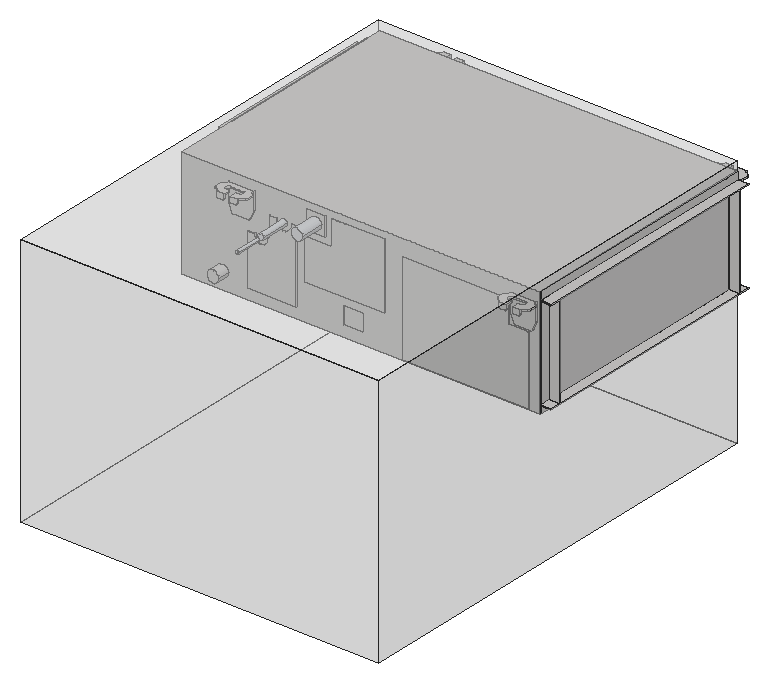
Revit family "outputfile", category 機械設備, Revit 2024
Family settings
  丸型コネクタ寸法 = 半径を使用
  パーツ タイプ = 標準
  OmniClass 番号 = 23.75.10.24.21.27.27
  OmniClass タイトル = Split System Air Conditioning Units
  作業面ベース = いいえ
  常に垂直 = はい
  ロード時にボイドで切り取り = いいえ
  注釈の向きを維持 = いいえ
  共有 = いいえ
  部屋計算ポイント = はい
Parameters (values of type "FXSQ25PAVS")
  Description = ""
  製造元 = "Daikin"
  書き出し IFC クラス(タイプ) = "IfcUnitaryEquipmentType"
  定義済み IFC タイプ(タイプ) = "AIRCONDITIONINGUNIT"
  Cost = 0
  モデル = "FXSQ25PAVS"
  Type Comments = ""
  Keynote = ""
  Type Image = (empty or 0)
  Assembly Code = ""
  r_Liquid Pipe Size = Liquid Pipe Size / 2  # 3.2 mm
  r_Gas Pipe Size = Gas Pipe Size / 2  # 6.35 mm
  r_Drain Pipe Size = Drain Pipe Size / 2  # 12.5 mm
  lw_power = 770.0 mm  # constant formula
  lh_SA = 138.0 mm  # constant formula
  lw_SA = if(Depth = 550.0 mm, 225.0 mm, if(Depth = 700.0 mm, 300.0 mm, if(Depth = 1000.0 mm, 450.0 mm, if(Depth = 1400.0 mm, 650.0 mm, 725.0 mm))))  # 225.0 mm
  lw_RA = if(Depth = 550.0 mm, 275.0 mm, if(Depth = 700.0 mm, 349.0 mm, if(Depth = 1000.0 mm, 499.0 mm, if(Depth = 1400.0 mm, 699.0 mm, 775.0 mm))))  # 275.0 mm
  lh_power = 60.0 mm + [h***]  # 60.0 mm
  lh_mountinghole1 = lh_mountinghole + [h***]  # 222.0 mm
  lh_RA = 123.0 mm  # constant formula
  ld_power = Depth / 2  # 275.0 mm
  Voltage_comment_50Hz = "220-240"
  Voltage_50Hz = 220 V
  URL = ""
  Supply Air Direction [instance] = yes
  Sound Power Level_H speed (dB) = 61
  Phase_50Hz = 1
  Minimum External Static Pressure = 30.00 Pa
  Minimum Circuit Amps_50Hz = 0.8 A
  Maximum Fuse Amps_50Hz = 16.0 A
  Maximum External Static Pressure = 150.00 Pa
  Material_Casing = DAIKIN_GalvanizedSteel_Casing_indoorunit
  lw_mountinghole = 630.0 mm  # constant formula
  lh_gaspipe = 183.0 mm + [h***]  # 183.0 mm
  lh_mountinghole = 222.0 mm  # constant formula
  lh_liquidpipe = 136.0 mm + [h***]  # 136.0 mm
  lh_drainpipe = 207.0 mm + [h***]  # 207.0 mm
  lh_antena = Height - lh_mountinghole + 1.0 mm  # 24.0 mm
  ld_drainpipe = Depth / 2 + 53.0 mm  # 328.0 mm
  ld_liquidpipe = Depth / 2 + 69.0 mm  # 344.0 mm
  ld_gaspipe = Depth / 2 + 65.0 mm  # 340.0 mm
  ld_mountinghole = Depth + 38.0 mm  # 588.0 mm
  h*** = 0.0 mm  # constant formula
  lw_liquidpipe = 179.0 mm  # constant formula
  lw_gaspipe = 229.0 mm  # constant formula
  lw_drainpipe = 300.0 mm  # constant formula
  Width = 800.0 mm
  Version = "ver.1.0"
  Unit Type = "Middle Static Pressure Duct Type"
  Unit Mass Weight = 25.00 kg
  Unit Designation [instance] = ""
  Uniclass2015Version = "Products v1.30"
  Uniclass2015Title = "Variable refrigerant flow units"
  Uniclass2015Code = "Pr_70_65_03_94"
  Total Heating Capacity [instance] = 0.000 kW
  Total Cooling Capacity [instance] = 0.000 kW
  Sound Pressure Level_M speed (dBA) = 0
  Sound Pressure Level_L speed (dBA) = 28
  Sound Pressure Level_H speed (dBA) = 33
  Series = "VRV Fan Coil Unit"
  Sensible Cooling Capacity [instance] = 0.000 kW
  SA Duct Size Width = if(Depth = 550.0 mm, 337.0 mm, if(Depth = 700.0 mm, 492.0 mm, if(Depth = 1000.0 mm, 792.0 mm, if(Depth = 1400.0 mm, 1192.0 mm, 1337.0 mm))))  # 337.0 mm
  SA Duct Size Height = 176.0 mm
  Refrigerant Type = "R410A"
  RA Duct Size Width = if(Depth = 550.0 mm, 502.0 mm, if(Depth = 700.0 mm, 654.0 mm, if(Depth = 1000.0 mm, 952.0 mm, if(Depth = 1400.0 mm, 1352.0 mm, 1502.0 mm))))  # 502.0 mm
  RA Duct Size Height = 208.0 mm
  Power Input (Heating) = 0.099 kW
  Power Input (Cooling) = 0.104 kW
  Option Accessory 3 [instance] = ""
  Option Accessory 2 [instance] = ""
  Option Accessory 1 [instance] = ""
  Nominal Heating Capacity = 3.200 kW
  Nominal Cooling Capacity = 2.800 kW
  Minimum Airflow = 390.00 m³/h
  Median Airflow = 450.00 m³/h
  Maximum Airflow = 540.00 m³/h
  Load Classification = HVAC
  Liquid Pipe Size = 6.4 mm
  Link_Nested Family [instance] = ""
  IfcVersion = "0"
  IfcExportType = "AIRCONDITIONINGUNIT"
  IfcExportAs = "IfcUnitaryEquipmentType"
  Height = 245.0 mm
  Heating Entering Wet Bulb Temperature [instance] = 0.00 °C
  Heating Entering Dry Bulb Temperature [instance] = 0.00 °C
  Heating Ambient Wet Bulb Temperature [instance] = 0.00 °C
  Heating Ambient Dry Bulb Temperature [instance] = 0.00 °C
  Heat Exchanger Type = "Cross Fin Coil"
  Gas Pipe Size = 12.7 mm
  Frequency_50Hz = 50 Hz
  Fan Type = "Sirocco Fan"
  Fan Drive = "Direct Drive"
  FCU Tag No. [instance] = ""
  Drain Pipe Size = 25.0 mm
  Design Supply Airflow [instance] = 0.00 m³/h
  Design Return Airflow [instance] = 0.00 m³/h
  Design External Static Pressure [instance] = 0.00 Pa
  Depth = 550.0 mm
  既定の高さ = 0.0 mm
  Cooling Entering Wet Bulb Temperature [instance] = 0.00 °C
  Cooling Entering Dry Bulb Temperature [instance] = 0.00 °C
  Cooling Ambient Wet Bulb Temperature [instance] = 0.00 °C
  Cooling Ambient Dry Bulb Temperature [instance] = 0.00 °C
  Clearance visibility [instance] = yes
  Clearance Top = 20.0 mm
  Clearance Right = 0.0 mm
  Clearance Rear = 0.0 mm
  Clearance Left = 0.0 mm
  Clearance Front = 450.0 mm
  Clearance Bottom = 300.0 mm
Reference planes
  plane 1 "Center (Front/Back)": y = 0
  plane 2 "h": z = 0
  plane 3 "Center (Left/Right)": x = 0
  plane 4 "Back": y = 275
  plane 5 "Front": y = -275
  plane 6 "Left": x = -400
  plane 7 "Reight": x = 400
  plane 8 "Top": z = 0
  plane 9 "Bottom": z = -245
  plane 10: y = -215
  plane 11: y = 275
  plane 12: y = -725
  plane 13: x = -400
  plane 14: x = 400
  plane 15: z = 20
  plane 16: z = -545
  plane 17: x = -400
  plane 18: x = -399
  plane 19: x = 399
  plane 20: y = 50
  plane 21: y = 0
  plane 22: z = -122
  plane 23: y = -276
  plane 24: z = -109
  plane 25: x = -221
  plane 26: y = -340
  plane 27: z = -62
  plane 28: x = -171
  plane 29: y = -328
  plane 30: z = -38
  plane 31: x = -100
  plane 32: x = -100
  plane 33: x = -221
  plane 34: x = -171
  plane 35: x = 370
  plane 36: x = -266
  plane 37: x = 364
  plane 38: y = -294
  plane 39: y = 294
  plane 40: z = -23
  plane 41: z = -107
  plane 42: y = -344
  plane 43: z = -207
  plane 44: x = -309
  plane 45: y = -301
  plane 46: x = -251
  plane 47: x = -203
  plane 48: x = -144
  plane 49: z = -59
  plane 50: z = -106
  plane 51: z = -221
  plane 52: z = -109
  plane 53: x = -221
  plane 54: z = -62
  plane 55: x = -171
  plane 56: z = -17
  plane 57: z = -59
  plane 58: x = -121
  plane 59: x = -79
  plane 60: x = -125
  plane 61: x = -64
  plane 62: x = 53
  plane 63: z = -164
  plane 64: z = -73
  plane 65: z = -16
  plane 66: x = 93.5
  plane 67: x = 374.5
  plane 68: x = 330
  plane 69: z = -88.5
  plane 70: z = -38
  plane 71: z = -242.5
  plane 72: x = -38.5
  plane 73: x = 6.5
  plane 74: z = -181
  plane 75: z = -221
  plane 76: y = -274
  plane 77: x = -424
  plane 78: x = 424
Forms (mm)
  Extrusion 1, solid, material "DAIKIN_GalvanizedSteel_Casing_indoorunit" <- "Material_Casing"
    sketch origin (0, 0, 0) x (1, 0, 0) y (0, 1, 0)
      loop
        line (-399, 275) -> (-399, -275) -> (399, -275) -> (399, 275) -> (-399, 275)
    from -245 to 0
  Extrusion 2, solid, material "DAIKIN_GalvanizedSteel_Casing_indoorunit" <- "Material_Casing"
    sketch origin (0, 0, 0) x (1, 0, 0) y (0, 0, 1)
      loop
        line (-251, -221) -> (-144, -221) -> (-144, -59) -> (-154.47, -59)
        arc (-154.47, -59) -> (-171, -78.8) -> (-187.53, -59) r 16.8
        line (-187.53, -59) -> (-203, -59) -> (-203, -106) -> (-206.916, -106)
        arc (-206.916, -106) -> (-221, -123.4) -> (-235.084, -106) r 14.4
        line (-235.084, -106) -> (-251, -106) -> (-251, -221)
    from 275 to 276
  Extrusion 3, solid, material "DAIKIN_GalvanizedSteel_Casing_indoorunit" <- "Material_Casing"
    sketch origin (0, 0, 0) x (1, 0, 0) y (0, 0, 1)
      loop
        line (-121, -17) -> (-121, -59) -> (-79, -59) -> (-79, -17) -> (-121, -17)
      loop
        line (-125, -73) -> (-125, -164) -> (53, -164) -> (53, -16) -> (-64, -16) -> (-64, -73) -> (-125, -73)
    from 275 to 276
  Extrusion 4, solid, material "DAIKIN_GalvanizedSteel_Casing_indoorunit" <- "Material_Casing"
    sketch origin (0, 0, 0) x (1, 0, 0) y (0, 0, 1)
      loop
        line (93.5, -38) -> (93.5, -242.5) -> (374.5, -242.5) -> (374.5, -88.5) -> (330, -88.5) -> (330, -38) -> (93.5, -38)
    from 275 to 276
  Extrusion 5, solid
    sketch origin (0, 0, 0) x (1, 0, 0) y (0, 0, 1)
      loop
        circle (-221, -109) r 3.2
    from 275 to 344
  Extrusion 6, solid
    sketch origin (0, 0, 0) x (1, 0, 0) y (0, 0, 1)
      loop
        circle (-171, -62) r 6.35
    from 275 to 340
  Extrusion 7, solid
    sketch origin (0, 0, 0) x (1, 0, 0) y (0, 0, 1)
      loop
        circle (-100, -38) r 12.5
    from 276 to 328
  Extrusion 8, solid, material "DAIKIN_GalvanizedSteel_Casing_indoorunit" <- "Material_Casing"
    sketch origin (0, 0, 0) x (1, 0, 0) y (0, 0, 1)
      loop
        circle (-309, -207) r 13
    from 275 to 301
  Extrusion 9, void
    sketch origin (0, 0, 0) x (1, 0, 0) y (0, 0, 1)
      loop
        line (-38.5, -181) -> (-38.5, -221) -> (6.5, -221) -> (6.5, -181) -> (-38.5, -181)
    from 274 to 275
Cuts and joins
  Extrusion 9 cuts Extrusion 1
Dimensions and locks
  "Height": plane 8 "Top" to plane 9 "Bottom"
  equal spacing: plane 4 "Back", plane 1 "Center (Front/Back)", plane 5 "Front"
  "Depth": plane 4 "Back" to plane 5 "Front"
  equal spacing: plane 6 "Left", plane 3 "Center (Left/Right)", plane 7 "Reight"
  "Width": plane 6 "Left" to plane 7 "Reight"
  "Clearance Left": plane 13 to plane 6 "Left"
  "Clearance Right": plane 7 "Reight" to plane 14
  "Clearance Rear": plane 11 to plane 4 "Back"
  "Clearance Front": plane 5 "Front" to plane 12
  "Clearance Top": plane 15 to plane 8 "Top"
  "Clearance Bottom": plane 9 "Bottom" to plane 16
  locked: plane 17 to plane 18 at 1
  locked: plane 19 to plane 14 at 1
  "lw_SA": plane 11 to plane 20
  "lw_RA": plane 21 to plane 5 "Front"
  "lh_RA": plane 22 to plane 9 "Bottom"
  locked: plane 5 "Front" to plane 23 at 1
  "lw_liquidpipe": plane 25 to plane 6 "Left"
  "lh_liquidpipe": plane 24 to plane 9 "Bottom"
  "lh_gaspipe": plane 27 to plane 9 "Bottom"
  "lw_gaspipe": plane 28 to plane 6 "Left"
  "ld_gaspipe": plane 26 to plane 1 "Center (Front/Back)"
  "ld_drainpipe": plane 29 to plane 1 "Center (Front/Back)"
  "lh_drainpipe": plane 30 to plane 9 "Bottom"
  "lw_drainpipe": plane 31 to plane 6 "Left"
  "lw_drainpipe": plane 6 "Left" to plane 32
  "lw_liquidpipe": plane 6 "Left" to plane 33
  "lw_gaspipe": plane 6 "Left" to plane 34
  "lw_power": plane 6 "Left" to plane 35
  locked: plane 17 to plane 36 at 134
  "lw_mountinghole": plane 36 to plane 37
  equal spacing: plane 38, plane 1 "Center (Front/Back)", plane 39
  "ld_mountinghole": plane 39 to plane 38
  "lh_mountinghole": plane 40 to plane 9 "Bottom"
  "lh_SA": plane 41 to plane 9 "Bottom"
  "ld_liquidpipe": plane 21 to plane 42
  locked: plane 44 to plane 6 "Left" at 91
  locked: plane 43 to plane 9 "Bottom" at 38
  locked: plane 5 "Front" to plane 45 at 26
  plane 48 to plane 47 to plane 46 to plane 6 "Left" = 59.0 mm, 48.0 mm, 149.0 mm
  plane 8 "Top" to plane 49 to plane 50 to plane 51 = 59.0 mm locked, 47.0 mm locked, 115.0 mm locked
  plane 55 to plane 53 to plane 6 "Left" = 50.0 mm locked, 179.0 mm locked
  plane 54 to plane 52 to plane 9 "Bottom" = 47.0 mm locked, 136.0 mm locked
  plane 59 to plane 58 to plane 6 "Left" = 42.0 mm locked, 279.0 mm locked
  plane 8 "Top" to plane 56 to plane 57 = 17.0 mm locked, 42.0 mm locked
  plane 62 to plane 61 to plane 60 to plane 6 "Left" = 117.0 mm, 61.0 mm, 275.0 mm
  plane 8 "Top" to plane 65 to plane 64 = 16.0 mm locked, 57.0 mm locked
  locked: plane 65 to plane 63 at 148
  plane 8 "Top" to plane 70 to plane 69 to plane 71 = 38.0 mm locked, 50.5 mm locked, 154.0 mm locked
  plane 67 to plane 68 to plane 66 to plane 6 "Left" = 44.5 mm locked, 236.5 mm locked, 493.5 mm locked
  plane 8 "Top" to plane 74 to plane 75 = 181.0 mm locked, 40.0 mm locked
  plane 73 to plane 72 to plane 6 "Left" = 45.0 mm, 361.5 mm
  locked: plane 76 to plane 5 "Front" at 1
  locked: plane 77 to plane 17 at 24
  locked: plane 14 to plane 78 at 24
  "r_Liquid Pipe Size": radius of Extrusion 5 sketch curve
  "r_Gas Pipe Size": radius of Extrusion 6 sketch curve
  "r_Drain Pipe Size": radius of Extrusion 7 sketch curve
  aligned and locked: level to plane 2 "h"
  aligned and locked: plane 8 "Top" to Extrusion 1
  aligned and locked: Extrusion 1 to plane 9 "Bottom"
  aligned and locked: nested 5 to plane 12
  aligned and locked: plane 13 to nested 5
  aligned and locked: plane 14 to nested 5
  aligned and locked: nested 5 to plane 13
  aligned and locked: plane 11 to nested 5
  aligned and locked: plane 15 to nested 5
  aligned and locked: plane 16 to nested 5
  aligned and locked: plane 5 "Front" to Extrusion 1 sketch curve
  aligned and locked: Extrusion 1 to plane 18
  aligned and locked: plane 19 to Extrusion 1
  aligned and locked: nested 7 to plane 18
  aligned and locked: nested 7 to plane 20
  aligned and locked: plane 19 to nested 8
  aligned and locked: plane 21 to nested 8
  aligned and locked: plane 22 to nested 8
  aligned and locked: Extrusion 2 to plane 23
  aligned and locked: plane 5 "Front" to Extrusion 2
  aligned and locked: Extrusion 3 to plane 23
  aligned and locked: plane 5 "Front" to Extrusion 3
  aligned and locked: plane 5 "Front" to Extrusion 4
  aligned and locked: Extrusion 5 sketch curve to plane 25
  aligned and locked: plane 24 to Extrusion 5 sketch curve
  aligned and locked: plane 5 "Front" to Extrusion 5
  aligned and locked: Extrusion 6 sketch curve to plane 28
  aligned and locked: plane 27 to Extrusion 6 sketch curve
  aligned and locked: plane 5 "Front" to Extrusion 6
  aligned and locked: Extrusion 7 sketch curve to plane 31
  aligned and locked: Extrusion 7 sketch curve to plane 30
  aligned and locked: Extrusion 7 to plane 29
  aligned and locked: plane 23 to Extrusion 7
  aligned and locked: nested 3 to plane 29
  aligned and locked: plane 32 to nested 3
  aligned and locked: nested 2 to plane 33
  aligned and locked: nested 1 to plane 34
  aligned and locked: Extrusion 6 to plane 26
  aligned and locked: nested 1 to plane 26
  aligned and locked: nested 6 to plane 5 "Front"
  aligned and locked: plane 35 to nested 6
  aligned and locked: plane 36 to nested 10
  aligned and locked: nested 10 to plane 5 "Front"
  aligned and locked: plane 37 to nested 9
  aligned and locked: nested 9 to plane 5 "Front"
  aligned and locked: nested 11 to plane 36
  aligned and locked: plane 4 "Back" to nested 11
  aligned and locked: nested 12 to plane 37
  aligned and locked: plane 4 "Back" to nested 12
  aligned and locked: plane 40 to nested 10
  aligned and locked: plane 40 to nested 11
  aligned and locked: plane 40 to nested 9
  aligned and locked: plane 40 to nested 12
  aligned and locked: plane 36 to nested 14
  aligned and locked: nested 14 to plane 39
  aligned and locked: plane 37 to nested 13
  aligned and locked: nested 13 to plane 39
  aligned and locked: plane 37 to nested 16
  aligned and locked: plane 38 to nested 16
  aligned and locked: plane 38 to nested 15
  aligned and locked: plane 36 to nested 15
  aligned and locked: plane 17 to plane 6 "Left"
  aligned and locked: plane 41 to nested 7
  aligned and locked: Extrusion 5 to plane 42
  aligned and locked: nested 2 to plane 42
  aligned and locked: Extrusion 8 sketch curve to plane 44
  aligned and locked: plane 43 to Extrusion 8 sketch curve
  aligned and locked: plane 5 "Front" to Extrusion 8
  aligned and locked: plane 45 to Extrusion 8
  aligned and locked: Extrusion 3 sketch curve to plane 56
  aligned and locked: Extrusion 3 sketch curve to plane 58
  aligned and locked: plane 57 to Extrusion 3 sketch curve
  aligned and locked: plane 59 to Extrusion 3 sketch curve
  aligned and locked: Extrusion 4 to plane 23
  aligned and locked: Extrusion 9 sketch curve to plane 74
  aligned and locked: plane 75 to Extrusion 9 sketch curve
  aligned and locked: plane 73 to Extrusion 9 sketch curve
  aligned and locked: plane 5 "Front" to Extrusion 9
  aligned and locked: plane 76 to Extrusion 9
  aligned and locked: nested 17 to plane 20
  aligned and locked: nested 17 to plane 77
  aligned and locked: plane 21 to nested 18
  aligned and locked: plane 78 to nested 18
  aligned and locked: plane 41 to nested 17
  aligned and locked: nested 18 to plane 22
  aligned and locked: nested 4 to plane 3 "Center (Left/Right)"
  aligned and locked: plane 1 "Center (Front/Back)" to nested 4
  aligned and locked: level to plane 8 "Top"
Automatic sketch dimensions
  plane 6 "Left" to Extrusion 1 sketch curve = 1.0 mm
  Extrusion 1 sketch curve to plane 7 "Reight" = 1.0 mm
  Extrusion 1 sketch curve to plane 4 "Back" = 0.0 mm
  Extrusion 2 sketch curve to plane 46 = 0.0 mm
  Extrusion 2 sketch curve to plane 33 = 0.0 mm
  Extrusion 2 sketch curve to plane 47 = 0.0 mm
  Extrusion 2 sketch curve to plane 34 = 0.0 mm
  Extrusion 2 sketch curve to plane 48 = 0.0 mm
  Extrusion 2 sketch curve to plane 51 = 0.0 mm
  Extrusion 2 sketch curve to plane 52 = 0.0 mm
  Extrusion 2 sketch curve to plane 50 = 0.0 mm  (x3)
  Extrusion 2 sketch curve to plane 54 = 0.0 mm
  Extrusion 2 sketch curve to plane 49 = 0.0 mm  (x3)
  plane 33 to Extrusion 2 sketch curve = 14.084 mm
  plane 34 to Extrusion 2 sketch curve = 16.53 mm
  Extrusion 3 sketch curve to plane 60 = 0.0 mm
  Extrusion 3 sketch curve to plane 61 = 0.0 mm
  Extrusion 3 sketch curve to plane 62 = 0.0 mm
  Extrusion 3 sketch curve to plane 63 = 0.0 mm
  Extrusion 3 sketch curve to plane 64 = 0.0 mm
  Extrusion 3 sketch curve to plane 65 = 0.0 mm
  Extrusion 4 sketch curve to plane 66 = 0.0 mm
  Extrusion 4 sketch curve to plane 68 = 0.0 mm
  Extrusion 4 sketch curve to plane 67 = 0.0 mm
  Extrusion 4 sketch curve to plane 71 = 0.0 mm
  Extrusion 4 sketch curve to plane 69 = 0.0 mm
  Extrusion 4 sketch curve to plane 70 = 0.0 mm
  Extrusion 9 sketch curve to plane 72 = 0.0 mm
  radius of Extrusion 8 sketch curve = 13.0 mm
Nested families
  nested 1: "daikin_connector_rotate2" at (-171, 0, -62), length <- "ld_gaspipe", built-in parameter 1001364 <- "lh_gaspipe", radius <- "r_Gas Pipe Size", type "daikin_connector_rotate2"
    with radius 6.35 mm, length 340.0 mm, angle_vertical 90.00°
  nested 2: "daikin_connector_rotate2" at (-221, 0, -109), length <- "ld_liquidpipe", built-in parameter 1001364 <- "lh_liquidpipe", radius <- "r_Liquid Pipe Size", type "daikin_connector_rotate2"
    with radius 3.2 mm, length 344.0 mm, angle_vertical 90.00°
  nested 3: "daikin_connector_rotate2" at (-100, 0, -38), length <- "ld_drainpipe", built-in parameter 1001364 <- "lh_drainpipe", radius <- "r_Drain Pipe Size", type "daikin_connector_rotate2"
    with radius 12.5 mm, length 328.0 mm, angle_vertical 90.00°
  nested 4: "daikin_△_symbolicline" at (0, 0, 245) x (0, -1, 0) z (0, 0, 1), built-in parameter 1001364 <- "Height", visible <- "Supply Air Direction", type "daikin_△_symbolicline"
    with length 200.0 mm
  nested 5: "daikin_clearancespace" at (0, -225, -262.381), visible <- "Clearance visibility", show <- "Clearance visibility", Link_Nested Family <- "Link_Nested Family", type "daikin_clearancespace"
    with width 800.0 mm, show yes, height 565.0 mm, depth 1000.0 mm, Link_Nested Family ""
  nested 6: "daikin_connector_rotate2" at (370, 0, -185), built-in parameter 1001364 <- "lh_power", length <- "ld_power", type "daikin_connector_rotate2"
    with radius 10.0 mm, length 275.0 mm, angle_vertical 90.00°
  nested 7: "daikin_ductflange_FXSQ-PAVS2" at (-399, 50, -107) x (0, -1, 0) z (0, 0, 1), type "daikin_ductflange_FXSQ-PAVS2"
  nested 8: "daikin_ductflange_FXSQ-PAVS" at (399, 0, -122) x (0, 1, 0) z (0, 0, 1), type "daikin_ductflange_FXSQ-PAVS"
  nested 9: "daikin_hangerfixture_FXSQ-PAVS" at (364, -275, -23), type "daikin_hangerfixture_FXSQ-PAVS"
  nested 10: "daikin_hangerfixture_FXSQ-PAVS" at (-266, -275, -23), type "daikin_hangerfixture_FXSQ-PAVS"
  nested 11: "daikin_hangerfixture_FXSQ-PAVS" at (-266, 275, -23) x (-1, 0, 0) z (0, 0, 1), type "daikin_hangerfixture_FXSQ-PAVS"
  nested 12: "daikin_hangerfixture_FXSQ-PAVS" at (364, 275, -23) x (-1, 0, 0) z (0, 0, 1), type "daikin_hangerfixture_FXSQ-PAVS"
  nested 13: "daikin_mountinghole" at (364, 294, -245), h_mountinghole <- "lh_mountinghole1", l_antenna <- "lh_antena", Link_Nested Family <- "Link_Nested Family", type "daikin_mountinghole"
    with show yes, l_antenna 24.0 mm, h_mountinghole 222.0 mm, Link_Nested Family ""
  nested 14: "daikin_mountinghole" at (-266, 294, -245), h_mountinghole <- "lh_mountinghole1", l_antenna <- "lh_antena", Link_Nested Family <- "Link_Nested Family", type "daikin_mountinghole"
    with show yes, l_antenna 24.0 mm, h_mountinghole 222.0 mm, Link_Nested Family ""
  nested 15: "daikin_mountinghole" at (-266, -294, -245), h_mountinghole <- "lh_mountinghole1", l_antenna <- "lh_antena", Link_Nested Family <- "Link_Nested Family", type "daikin_mountinghole"
    with show yes, l_antenna 24.0 mm, h_mountinghole 222.0 mm, Link_Nested Family ""
  nested 16: "daikin_mountinghole" at (364, -294, -245), h_mountinghole <- "lh_mountinghole1", l_antenna <- "lh_antena", Link_Nested Family <- "Link_Nested Family", type "daikin_mountinghole"
    with show yes, l_antenna 24.0 mm, h_mountinghole 222.0 mm, Link_Nested Family ""
  nested 17: "daikin_connector_rotate2" at (-400, 50, -107) x (0, -1, 0) z (0, 0, 1), type "daikin_connector_rotate2"
    with radius 10.0 mm, length 24.0 mm, angle_vertical 90.00°
  nested 18: "daikin_connector_rotate2" at (400, 0, -122) x (0, 1, 0) z (0, 0, 1), type "daikin_connector_rotate2"
    with radius 10.0 mm, length 24.0 mm, angle_vertical 90.00°
Connectors
  piping at (-100, -328, -38), diameter 25, driven by "r_Drain Pipe Size"
    settings: on nested 3, index 3, connector inside diameter 609.6 mm, connector length 0.0 mm, flow factor 0, pipe flow 0.00 m³/h, pressure drop 0.0 Pa, fitting loss kfactor 0, connector angle 0.00°, fixture units 0, engagement length 0.0 mm, angle of deflection 0.00°, flow configuration 1, flow direction 2, fitting loss method 4, system type 16, joint type 0, gender type 0, connector reference index -1, connector utility 0, adjustable connector no, is connector primary yes, connector description "Condensate Drain Piping"
  piping at (-171, -340, -62), diameter 12.7, driven by "r_Gas Pipe Size"
    settings: on nested 1, index 4, connector inside diameter 609.6 mm, connector length 0.0 mm, flow factor 0, pipe flow 0.00 m³/h, pressure drop 0.0 Pa, fitting loss kfactor 0, connector angle 0.00°, fixture units 0, engagement length 0.0 mm, angle of deflection 0.00°, flow configuration 1, flow direction 2, fitting loss method 0, system type 29, joint type 0, gender type 0, connector reference index -1, connector utility 0, adjustable connector no, is connector primary no, connector description "Refrigerant Gas Piping"
  piping at (-221, -344, -109), diameter 6.4, driven by "r_Liquid Pipe Size"
    settings: on nested 2, index 5, connector inside diameter 609.6 mm, connector length 0.0 mm, flow factor 0, pipe flow 0.00 m³/h, pressure drop 0.0 Pa, fitting loss kfactor 0, connector angle 0.00°, fixture units 0, engagement length 0.0 mm, angle of deflection 0.00°, flow configuration 1, flow direction 1, fitting loss method 0, system type 29, joint type 0, gender type 0, connector reference index -1, connector utility 0, adjustable connector no, is connector primary no, connector description "Refrigerant Liquid Piping"
  electrical at (370, -275, -185), driven by "Load Classification"
    settings: on nested 6, index 6, voltage 0 V, apparent load 0 VA, apparent load phase1 0 VA, apparent load phase2 0 VA, apparent load phase3 0 VA, power factor 1, load classification "HVAC", number of poles 1, system type 30, power factor state 1, is connector primary yes, connector utility no, sub classification motor no, connector description "Power Supply"
  hvac at (-424, 50, -107), driven by "SA Duct Size Height", driven by "SA Duct Size Width"
    settings: on nested 17, index 7, duct flow 0.00 m³/h, flow factor 0, pres drop 0.00 Pa, loss coef 0, conn angle 0.00°, conn width 337.0 mm, conn height 176.0 mm, conn diameter 609.6 mm, duct sys type 1, conn prof type 1, flow config 0, flow direction 2, loss method 4, conn ref index -1, conn util no, is conn primary yes, conn desc "SA Duct"
  hvac at (424, 0, -122), driven by "RA Duct Size Height", driven by "RA Duct Size Width"
    settings: on nested 18, index 8, duct flow 0.00 m³/h, flow factor 0, pres drop 0.00 Pa, loss coef 0, conn angle 0.00°, conn width 502.0 mm, conn height 208.0 mm, conn diameter 609.6 mm, duct sys type 2, conn prof type 1, flow config 0, flow direction 1, loss method 4, conn ref index -1, conn util no, is conn primary no, conn desc "RA Duct"
Definition of nested family "daikin_clearancespace"
  Parameters (values of type "daikin_clearancespace")
    width [instance] = 1823.963 mm
    show [instance] = yes
    material = none
    height [instance] = 1359.762 mm
    depth [instance] = 880.0 mm
    Default Elevation = 0.0 mm
    Link_Nested Family [instance] = ""
  Reference planes
    plane 1 "Center (Front/Back)": y = 0
    plane 2 "Center (Elevation)": z = -0.119
    plane 3 "Center (Left/Right)": x = 0
    plane 4: y = 440
    plane 5: y = -440
    plane 6 "Right": x = 911.982
    plane 7 "Left": x = -911.982
    plane 8 "Top": z = 679.762
    plane 9 "Bottom": z = -680
  Forms (mm)
    Extrusion 1, solid, material <- "material", visible <- "show"
      sketch origin (0, 0, 0) x (1, 0, 0) y (0, 1, 0)
        loop
          line (-911.982, 440) -> (-911.982, -440) -> (911.982, -440) -> (911.982, 440) -> (-911.982, 440)
      from -680 to 679.762
  Lines and regions (mm)
    symbolic lines, visible <- "show"
      curve 1: line (911.982, 440, 0) -> (-911.982, 440, 0)
      curve 2: line (-911.982, 440, 0) -> (-911.982, -440, 0)
      curve 3: line (-911.982, -440, 0) -> (911.982, -440, 0)
      curve 4: line (911.982, -440, 0) -> (911.982, 440, 0)
      curve 5: line (911.982, 0, 679.762) -> (-911.982, 0, 679.762)
      curve 6: line (911.982, 0, -680) -> (911.982, 0, 679.762)
      curve 7: line (-911.982, 0, -680) -> (911.982, 0, -680)
      curve 8: line (-911.982, 0, 679.762) -> (-911.982, 0, -680)
      curve 9: line (0, 440, 679.762) -> (0, -440, 679.762)
      curve 10: line (0, -440, 679.762) -> (0, -440, -680)
      curve 11: line (0, 440, -680) -> (0, 440, 679.762)
      curve 12: line (0, -440, -680) -> (0, 440, -680)
  Dimensions and locks
    "width": plane 7 "Left" to plane 6 "Right"
    "depth": plane 4 to plane 5
    "height": plane 8 "Top" to plane 9 "Bottom"
    equal spacing: plane 7 "Left", plane 3 "Center (Left/Right)", plane 6 "Right"
    equal spacing: plane 4, plane 1 "Center (Front/Back)", plane 5
    equal spacing: plane 8 "Top", plane 2 "Center (Elevation)", plane 9 "Bottom"
    aligned and locked: level to plane 2 "Center (Elevation)"
    aligned and locked: Extrusion 1 sketch curve to plane 4
    aligned and locked: plane 7 "Left" to Extrusion 1 sketch curve
    aligned and locked: Extrusion 1 sketch curve to plane 5
    aligned and locked: Extrusion 1 sketch curve to plane 6 "Right"
    aligned and locked: plane 8 "Top" to Extrusion 1
    aligned and locked: curve 1 to Extrusion 1
    aligned and locked: curve 2 to Extrusion 1
    aligned and locked: curve 3 to Extrusion 1
    aligned and locked: curve 4 to Extrusion 1
    aligned and locked: curve 5 to Extrusion 1
    aligned and locked: curve 6 to Extrusion 1
    aligned and locked: curve 7 to Extrusion 1
    aligned and locked: curve 8 to Extrusion 1
    aligned and locked: curve 9 to Extrusion 1
    aligned and locked: curve 10 to Extrusion 1
    aligned and locked: curve 11 to Extrusion 1
    aligned and locked: curve 12 to Extrusion 1
    aligned and locked: Extrusion 1 to plane 9 "Bottom"
Definition of nested family "daikin_ductflange_FXSQ-PAVS2"
  Parameters (values of type "daikin_ductflange_FXMQ-PAVE2")
    width = if(w = 550.0 mm, 337.0 mm, if(w = 700.0 mm, 492.0 mm, if(w = 1000.0 mm, 792.0 mm, if(w = 1400.0 mm, 1192.0 mm, 1337.0 mm))))  # 337.0 mm
    material = none
    height = 215.0 mm
    depth = 1.0 mm
    w = 550.0 mm
    Default Elevation = 0.0 mm
  Reference planes
    plane 1 "Center (Front/Back)": y = 0
    plane 2: z = 0
    plane 3 "Center (Left/Right)": x = 0
    plane 4: z = 88
    plane 5: z = -88
    plane 6: y = -25
    plane 7: z = 106
    plane 8: z = 89
    plane 9: y = -1
    plane 10: x = -192.5
    plane 11: x = 192.5
    plane 12: z = -106
    plane 13: z = -89
    plane 14: y = -1
    plane 15: x = 168.5
    plane 16: x = -168.5
    plane 17: x = 169.5
    plane 18: z = 87
    plane 19: z = -87
    plane 20: x = -169.5
    plane 21: z = 87
    plane 22: z = -87
    plane 23: y = -1
  Forms (mm)
    Extrusion 1, solid, material <- "material"
      sketch origin (0, 0, 0) x (0, 1, 0) y (0, 0, 1)
        loop
          line (-25, 88) -> (0, 88) -> (0, 106) -> (-1, 106) -> (-1, 89) -> (-25, 89) -> (-25, 88)
      from -192.5 to 192.5
    Extrusion 2, solid, material <- "material"
      sketch origin (0, 0, 0) x (0, 1, 0) y (0, 0, 1)
        loop
          line (-25, -88) -> (-25, -89) -> (-1, -89) -> (-1, -106) -> (0, -106) -> (0, -88) -> (-25, -88)
      from -192.5 to 192.5
    Extrusion 3, solid, material <- "material"
      sketch origin (0, 0, 0) x (1, 0, 0) y (0, 0, 1)
        loop
          line (168.5, 88) -> (168.5, -88) -> (192.5, -88) -> (192.5, -87) -> (169.5, -87) -> (169.5, 87) -> (192.5, 87) -> (192.5, 88) -> (168.5, 88)
      from 0 to 25
    Extrusion 4, solid, material <- "material"
      sketch origin (0, 0, 0) x (1, 0, 0) y (0, 0, 1)
        loop
          line (-192.5, 88) -> (-192.5, 87) -> (-169.5, 87) -> (-169.5, -87) -> (-192.5, -87) -> (-192.5, -88) -> (-168.5, -88) -> (-168.5, 88) -> (-192.5, 88)
      from 0 to 25
    Extrusion 5, solid, material <- "material"
      sketch origin (0, 0, 0) x (1, 0, 0) y (0, 0, 1)
        loop
          line (-192.5, 88) -> (-192.5, -88) -> (-168.5, -88) -> (-168.5, 88) -> (-192.5, 88)
        loop
          line (192.5, 88) -> (168.5, 88) -> (168.5, -88) -> (192.5, -88) -> (192.5, 88)
      from 0 to 1
  Cuts and joins
    joined: Extrusion 1, Extrusion 2, Extrusion 3, Extrusion 4, Extrusion 5
  Dimensions and locks
    plane 4 to level to plane 5 = 88.0 mm, 88.0 mm
    locked: plane 6 to plane 1 "Center (Front/Back)" at 25
    locked: plane 9 to plane 1 "Center (Front/Back)" at 1
    locked: plane 8 to plane 4 at 1
    locked: plane 16 to plane 10 at 24
    locked: plane 17 to plane 15 at 1
    locked: plane 4 to plane 18 at 1
    locked: plane 19 to plane 5 at 1
    "width": plane 15 to plane 16
    plane 4 to plane 5 = 176.0 mm
    locked: plane 16 to plane 20 at 1
    locked: plane 4 to plane 21 at 1
    locked: plane 22 to plane 5 at 1
    locked: plane 23 to plane 1 "Center (Front/Back)" at 1
    plane 4 to level to plane 5 = 88.0 mm locked, 88.0 mm locked
    locked: plane 5 to plane 13 at 1
    locked: plane 5 to plane 12 at 18
    locked: plane 7 to plane 4 at 18
    equal spacing: plane 15, plane 3 "Center (Left/Right)", plane 16
    locked: plane 11 to plane 15 at 24
    plane 11 to plane 10 = 385.0 mm
    aligned and locked: level to plane 2
    aligned and locked: Extrusion 1 to plane 10
    aligned and locked: plane 11 to Extrusion 1
    aligned and locked: plane 5 to Extrusion 2
    aligned and locked: Extrusion 2 to plane 1 "Center (Front/Back)"
    aligned and locked: plane 15 to Extrusion 3 sketch curve
    aligned and locked: Extrusion 3 sketch curve to Extrusion 2  (x2)
    aligned and locked: Extrusion 3 sketch curve to plane 11
    aligned and locked: plane 6 to Extrusion 3
    aligned and locked: Extrusion 2 to plane 10
    aligned and locked: plane 11 to Extrusion 2
    aligned and locked: Extrusion 4 sketch curve to Extrusion 1  (x2)
    aligned and locked: plane 5 to Extrusion 4 sketch curve
    aligned and locked: Extrusion 4 sketch curve to plane 16
    aligned and locked: Extrusion 4 sketch curve to plane 22
    aligned and locked: plane 20 to Extrusion 4 sketch curve
    aligned and locked: plane 21 to Extrusion 4 sketch curve
    aligned and locked: Extrusion 4 to plane 1 "Center (Front/Back)"
    aligned and locked: plane 6 to Extrusion 4
    aligned and locked: Extrusion 5 sketch curve to Extrusion 1  (x4)
    aligned and locked: Extrusion 5 sketch curve to Extrusion 4  (x2)
    aligned and locked: Extrusion 5 sketch curve to Extrusion 3  (x2)
    aligned and locked: Extrusion 5 to plane 1 "Center (Front/Back)"
    aligned and locked: plane 23 to Extrusion 5
  Automatic sketch dimensions
    Extrusion 1 sketch curve to plane 6 = 0.0 mm
    Extrusion 1 sketch curve to plane 7 = 0.0 mm
    Extrusion 1 sketch curve to plane 9 = 0.0 mm
    Extrusion 1 sketch curve to plane 1 "Center (Front/Back)" = 0.0 mm
    Extrusion 1 sketch curve to plane 4 = 0.0 mm
    Extrusion 1 sketch curve to plane 8 = 0.0 mm
    Extrusion 2 sketch curve to plane 6 = 0.0 mm
    plane 12 to Extrusion 2 sketch curve = 0.0 mm
    Extrusion 2 sketch curve to plane 14 = 0.0 mm
    Extrusion 2 sketch curve to plane 1 "Center (Front/Back)" = 0.0 mm
    plane 13 to Extrusion 2 sketch curve = 0.0 mm
    Extrusion 2 sketch curve to plane 5 = 0.0 mm
    Extrusion 3 sketch curve to plane 17 = 0.0 mm
    Extrusion 3 sketch curve to plane 19 = 0.0 mm
    Extrusion 3 sketch curve to plane 18 = 0.0 mm
    Extrusion 3 sketch curve to plane 4 = 0.0 mm
    Extrusion 4 sketch curve to plane 10 = 0.0 mm
Definition of nested family "daikin_ductflange_FXSQ-PAVS"
  Parameters (values of type "daikin_ductflange_FXMQ-PAVE")
    width = if(w = 550.0 mm, 502.0 mm, if(w = 700.0 mm, 654.0 mm, if(w = 1000.0 mm, 952.0 mm, if(w = 1400.0 mm, 1352.0 mm, 1502.0 mm))))  # 502.0 mm
    material = none
    height = 208.0 mm
    depth = 1.0 mm
    w = 550.0 mm
    Default Elevation = 0.0 mm
  Reference planes
    plane 1 "Center (Front/Back)": y = 0
    plane 2: z = 0
    plane 3 "Center (Left/Right)": x = 0
    plane 4: z = 104
    plane 5: z = -104
    plane 6: y = -25
    plane 7: z = 121
    plane 8: z = 105
    plane 9: y = -1
    plane 10: x = -275
    plane 11: x = 275
    plane 12: z = -122
    plane 13: z = -105
    plane 14: y = -1
    plane 15: x = 251
    plane 16: x = -251
    plane 17: x = 252
    plane 18: z = 103
    plane 19: z = -103
    plane 20: x = -252
    plane 21: z = 103
    plane 22: z = -103
    plane 23: y = -1
  Forms (mm)
    Extrusion 1, solid, material <- "material"
      sketch origin (0, 0, 0) x (0, 1, 0) y (0, 0, 1)
        loop
          line (-25, 104) -> (0, 104) -> (0, 121) -> (-1, 121) -> (-1, 105) -> (-25, 105) -> (-25, 104)
      from -275 to 275
    Extrusion 2, solid, material <- "material"
      sketch origin (0, 0, 0) x (0, 1, 0) y (0, 0, 1)
        loop
          line (-25, -104) -> (-25, -105) -> (-1, -105) -> (-1, -122) -> (0, -122) -> (0, -104) -> (-25, -104)
      from -275 to 275
    Extrusion 3, solid, material <- "material"
      sketch origin (0, 0, 0) x (1, 0, 0) y (0, 0, 1)
        loop
          line (251, 104) -> (251, -104) -> (275, -104) -> (275, -103) -> (252, -103) -> (252, 103) -> (275, 103) -> (275, 104) -> (251, 104)
      from 0 to 25
    Extrusion 4, solid, material <- "material"
      sketch origin (0, 0, 0) x (1, 0, 0) y (0, 0, 1)
        loop
          line (-275, 104) -> (-275, 103) -> (-252, 103) -> (-252, -103) -> (-275, -103) -> (-275, -104) -> (-251, -104) -> (-251, 104) -> (-275, 104)
      from 0 to 25
    Extrusion 5, solid, material <- "material"
      sketch origin (0, 0, 0) x (1, 0, 0) y (0, 0, 1)
        loop
          line (-275, 104) -> (-275, -104) -> (-251, -104) -> (-251, 104) -> (-275, 104)
        loop
          line (275, 104) -> (251, 104) -> (251, -104) -> (275, -104) -> (275, 104)
      from 0 to 1
  Cuts and joins
    joined: Extrusion 1, Extrusion 2, Extrusion 3, Extrusion 4, Extrusion 5
  Dimensions and locks
    plane 4 to level to plane 5 = 104.0 mm, 104.0 mm
    locked: plane 6 to plane 1 "Center (Front/Back)" at 25
    locked: plane 9 to plane 1 "Center (Front/Back)" at 1
    locked: plane 8 to plane 4 at 1
    locked: plane 11 to plane 15 at 24
    locked: plane 16 to plane 10 at 24
    locked: plane 17 to plane 15 at 1
    locked: plane 4 to plane 18 at 1
    locked: plane 19 to plane 5 at 1
    "width": plane 15 to plane 16
    equal spacing: plane 15, plane 3 "Center (Left/Right)", plane 16
    locked: plane 16 to plane 20 at 1
    locked: plane 4 to plane 21 at 1
    locked: plane 22 to plane 5 at 1
    locked: plane 23 to plane 1 "Center (Front/Back)" at 1
    locked: plane 7 to plane 4 at 17
    locked: plane 1 "Center (Front/Back)" to plane 14 at 1
    locked: plane 5 to plane 13 at 1
    "height": plane 4 to plane 5
    plane 11 to plane 10 = 550.0 mm
    locked: plane 12 to plane 13 at 17
    equal spacing: plane 4, level, plane 5
    aligned and locked: level to plane 2
    aligned and locked: Extrusion 1 to plane 10
    aligned and locked: plane 11 to Extrusion 1
    aligned and locked: plane 5 to Extrusion 2
    aligned and locked: Extrusion 2 to plane 1 "Center (Front/Back)"
    aligned and locked: plane 15 to Extrusion 3 sketch curve
    aligned and locked: Extrusion 3 sketch curve to Extrusion 2  (x2)
    aligned and locked: Extrusion 3 sketch curve to plane 11
    aligned and locked: plane 6 to Extrusion 3
    aligned and locked: Extrusion 2 to plane 10
    aligned and locked: plane 11 to Extrusion 2
    aligned and locked: Extrusion 4 sketch curve to Extrusion 1  (x2)
    aligned and locked: plane 5 to Extrusion 4 sketch curve
    aligned and locked: Extrusion 4 sketch curve to plane 16
    aligned and locked: Extrusion 4 sketch curve to plane 22
    aligned and locked: plane 20 to Extrusion 4 sketch curve
    aligned and locked: plane 21 to Extrusion 4 sketch curve
    aligned and locked: Extrusion 4 to plane 1 "Center (Front/Back)"
    aligned and locked: plane 6 to Extrusion 4
    aligned and locked: Extrusion 5 sketch curve to Extrusion 1  (x4)
    aligned and locked: Extrusion 5 sketch curve to Extrusion 4  (x2)
    aligned and locked: Extrusion 5 sketch curve to Extrusion 3  (x2)
    aligned and locked: Extrusion 5 to plane 1 "Center (Front/Back)"
    aligned and locked: plane 23 to Extrusion 5
  Automatic sketch dimensions
    Extrusion 1 sketch curve to plane 6 = 0.0 mm
    Extrusion 1 sketch curve to plane 7 = 0.0 mm
    Extrusion 1 sketch curve to plane 9 = 0.0 mm
    Extrusion 1 sketch curve to plane 1 "Center (Front/Back)" = 0.0 mm
    Extrusion 1 sketch curve to plane 4 = 0.0 mm
    Extrusion 1 sketch curve to plane 8 = 0.0 mm
    Extrusion 2 sketch curve to plane 6 = 0.0 mm
    plane 12 to Extrusion 2 sketch curve = 0.0 mm
    Extrusion 2 sketch curve to plane 14 = 0.0 mm
    Extrusion 2 sketch curve to plane 1 "Center (Front/Back)" = 0.0 mm
    plane 13 to Extrusion 2 sketch curve = 0.0 mm
    Extrusion 2 sketch curve to plane 5 = 0.0 mm
    Extrusion 3 sketch curve to plane 17 = 0.0 mm
    Extrusion 3 sketch curve to plane 19 = 0.0 mm
    Extrusion 3 sketch curve to plane 18 = 0.0 mm
    Extrusion 3 sketch curve to plane 4 = 0.0 mm
    Extrusion 4 sketch curve to plane 10 = 0.0 mm
Definition of nested family "daikin_hangerfixture_FXSQ-PAVS"
  Parameters (values of type "daikin_hangerfixture_FXMQ-PAVE")
    width = 72.0 mm
    material = none
    height = 60.0 mm
    depth = 41.0 mm
    Default Elevation = 0.0 mm
  Reference planes
    plane 1 "Center (Front/Back)": y = 0
    plane 2: z = 0
    plane 3 "Center (Left/Right)": x = 0
    plane 4: y = 417.146
    plane 5: y = -41
    plane 6: x = -36
    plane 7: x = 36
    plane 8: z = -2.3
    plane 9: z = -60
    plane 10: y = -2.3
    plane 11: z = -12
    plane 12: y = -38.7
  Forms (mm)
    Extrusion 1, solid, material <- "material"
      sketch origin (0, 0, 0) x (1, 0, 0) y (0, 1, 0)
        loop
          line (-28, 0) -> (-28, -5)
          arc (-28, -5) -> (-29.127, -8.162) -> (-32, -9.899) r 5
          arc (-32, -9.899) -> (-34.873, -11.636) -> (-36, -14.798) r 5
          line (-36, -14.798) -> (-36, -27.178)
          arc (-36, -27.178) -> (-35.429, -29.499) -> (-33.846, -31.289) r 5
          line (-33.846, -31.289) -> (-23, -38.798) -> (-23, -41.098) -> (-6.5, -41.098) -> (-6.5, -28.498)
          arc (-6.5, -28.498) -> (-7.379, -26.377) -> (-9.5, -25.498) r 3
          line (-9.5, -25.498) -> (-13.5, -25.498)
          arc (-13.5, -25.498) -> (-20, -18.998) -> (-13.5, -12.498) r 6.5
          line (-13.5, -12.498) -> (13.5, -12.498)
          arc (13.5, -12.498) -> (20, -18.998) -> (13.5, -25.498) r 6.5
          line (13.5, -25.498) -> (9.5, -25.498)
          arc (9.5, -25.498) -> (7.379, -26.377) -> (6.5, -28.498) r 3
          line (6.5, -28.498) -> (6.5, -41.098) -> (23, -41.098) -> (23, -38.798) -> (33.846, -31.289)
          arc (33.846, -31.289) -> (35.429, -29.499) -> (36, -27.178) r 5
          line (36, -27.178) -> (36, -14.596)
          arc (36, -14.596) -> (34.873, -11.434) -> (32, -9.697) r 5
          arc (32, -9.697) -> (29.127, -7.96) -> (28, -4.798) r 5
          line (28, -4.798) -> (28, 0) -> (-28, 0)
      from 0 to -2.3
    Extrusion 2, solid, material <- "material"
      sketch origin (0, 0, 0) x (1, 0, 0) y (0, 0, 1)
        loop
          line (28, -39.037) -> (28, 0) -> (-28, 0) -> (-28, -39.037)
          arc (-28, -39.037) -> (-27.91, -39.983) -> (-27.642, -40.894) r 5
          line (-27.642, -40.894) -> (-21.257, -56.857)
          arc (-21.257, -56.857) -> (-19.418, -59.14) -> (-16.615, -60) r 5
          line (-16.615, -60) -> (16.615, -60)
          arc (16.615, -60) -> (19.418, -59.14) -> (21.257, -56.857) r 5
          line (21.257, -56.857) -> (27.642, -40.894)
          arc (27.642, -40.894) -> (27.91, -39.983) -> (28, -39.037) r 5
      from 0 to 2.3
    Extrusion 3, solid, material <- "material"
      sketch origin (0, 0, 0) x (1, 0, 0) y (0, 0, 1)
        loop
          line (-23, 0) -> (-23, -9)
          arc (-23, -9) -> (-22.121, -11.121) -> (-20, -12) r 3
          line (-20, -12) -> (-9.5, -12)
          arc (-9.5, -12) -> (-7.379, -11.121) -> (-6.5, -9) r 3
          line (-6.5, -9) -> (-6.5, 0) -> (-23, 0)
        loop
          line (23, 0) -> (6.5, 0) -> (6.5, -9)
          arc (6.5, -9) -> (7.379, -11.121) -> (9.5, -12) r 3
          line (9.5, -12) -> (20, -12)
          arc (20, -12) -> (22.121, -11.121) -> (23, -9) r 3
          line (23, -9) -> (23, 0)
      from 38.8 to 41.098
  Cuts and joins
    joined: Extrusion 1, Extrusion 2, Extrusion 3
  Dimensions and locks
    plane 2 to plane 8 = 2.3 mm
    "height": plane 2 to plane 9
    locked: plane 10 to plane 1 "Center (Front/Back)" at 2.3
    locked: plane 2 to plane 11 at 12
    locked: plane 12 to plane 5 at 2.3
    aligned and locked: level to plane 2
    aligned and locked: Extrusion 1 to plane 8
    aligned and locked: plane 2 to Extrusion 1
    aligned and locked: plane 2 to Extrusion 2 sketch curve
    aligned and locked: Extrusion 2 to plane 10
    aligned and locked: Extrusion 2 to plane 1 "Center (Front/Back)"
    aligned and locked: Extrusion 3 sketch curve to cut or joined group of Extrusion 1, Extrusion 2, Extrusion 3  (x3)
    aligned and locked: cut or joined group of Extrusion 1, Extrusion 2, Extrusion 3 to Extrusion 3
  Automatic sketch dimensions
    Extrusion 2 sketch curve to plane 7 = 8.0 mm
    Extrusion 2 sketch curve to plane 8 = 36.737 mm
    plane 6 to Extrusion 2 sketch curve = 19.385 mm
    Extrusion 1 sketch curve to plane 6 = 0.0 mm
    plane 1 "Center (Front/Back)" to Extrusion 1 sketch curve = 0.0 mm
    Extrusion 1 sketch curve to plane 7 = 0.0 mm
    plane 6 to Extrusion 1 sketch curve = 2.154 mm
    plane 6 to Extrusion 1 sketch curve = 3.0 mm
    Extrusion 1 sketch curve to Extrusion 1 sketch curve = 5.0 mm  (x3)
    Extrusion 1 sketch curve to plane 12 = 0.098 mm  (x2)
    Extrusion 1 sketch curve to Extrusion 1 sketch curve = 4.0 mm  (x2)
    Extrusion 1 sketch curve to plane 5 = 0.098 mm  (x2)
    Extrusion 1 sketch curve to plane 3 "Center (Left/Right)" = 6.5 mm
    plane 3 "Center (Left/Right)" to Extrusion 1 sketch curve = 6.5 mm
    Extrusion 1 sketch curve to Extrusion 1 sketch curve = 3.0 mm
    Extrusion 1 sketch curve to plane 7 = 8.0 mm
    Extrusion 1 sketch curve to plane 7 = 5.0 mm
    Extrusion 1 sketch curve to plane 7 = 3.0 mm
    Extrusion 1 sketch curve to plane 7 = 2.154 mm
    plane 12 to Extrusion 1 sketch curve = 7.411 mm  (x2)
    plane 12 to Extrusion 1 sketch curve = 10.202 mm  (x2)
    Extrusion 1 sketch curve to Extrusion 1 sketch curve = 6.5 mm  (x2)
    Extrusion 1 sketch curve to Extrusion 1 sketch curve = 12.38 mm
    Extrusion 1 sketch curve to plane 10 = 12.296 mm
    Extrusion 1 sketch curve to plane 10 = 2.7 mm
    Extrusion 1 sketch curve to plane 10 = 2.498 mm
    plane 6 to Extrusion 1 sketch curve = 4.0 mm
    Extrusion 1 sketch curve to Extrusion 1 sketch curve = 0.0 mm  (x2)
    Extrusion 1 sketch curve to plane 7 = 4.0 mm
    Extrusion 1 sketch curve to Extrusion 1 sketch curve = 4.111 mm
    Extrusion 3 sketch curve to level = 0.0 mm  (x2)
    Extrusion 3 sketch curve to plane 11 = 0.0 mm  (x2)
    plane 11 to Extrusion 3 sketch curve = 3.0 mm  (x2)
    plane 3 "Center (Left/Right)" to Extrusion 3 sketch curve = 6.5 mm
    Extrusion 3 sketch curve to Extrusion 3 sketch curve = 3.0 mm  (x2)
    Extrusion 2 sketch curve to plane 9 = 0.0 mm
    Extrusion 2 sketch curve to Extrusion 2 sketch curve = 11.385 mm
    plane 6 to Extrusion 2 sketch curve = 8.0 mm
    plane 9 to Extrusion 2 sketch curve = 20.963 mm
    Extrusion 2 sketch curve to Extrusion 2 sketch curve = 5.0 mm  (x2)
    plane 9 to Extrusion 2 sketch curve = 3.143 mm  (x3)
    Extrusion 2 sketch curve to Extrusion 2 sketch curve = 4.642 mm  (x2)
    Extrusion 2 sketch curve to Extrusion 2 sketch curve = 0.0 mm  (x2)
    Extrusion 2 sketch curve to Extrusion 2 sketch curve = 0.358 mm
    Extrusion 2 sketch curve to Extrusion 2 sketch curve = 1.857 mm  (x2)
Definition of nested family "daikin_connector_rotate2"
  Parameters (values of type "daikin_connector_rotate2")
    Default Elevation = 1219.2 mm
    show_face = no
    radius [instance] = 10.0 mm
    length [instance] = 600.0 mm
    d_surface = 10.0 mm
    angle_vertical [instance] = 90.00°
  Reference planes
    plane 1 "Center (Front/Back)": y = 0
    plane 2: z = 0
    plane 3 "Center (Left/Right)": x = 0
  Forms (mm)
    Extrusion 1, solid, visible <- "show_face"
      sketch origin (0, -600, 0) x (1, 0, 0) y (0, 0, 1)
        loop
          circle (0, 0) r 10
      from 0 to -10
  Lines and regions (mm)
    reference lines
      curve 1: line (0, 0, 0) -> (0, -600, 0)
    symbolic lines
      curve 2: circle (0, 0, 0) r 5 normal (0, 0, 1)
    model lines, visible <- "show_face"
      curve 3: line (0, 0, 0) -> (0, -600, 0)
  Dimensions and locks
    "length": curve 1 to curve 1
    "length": curve 3 to curve 3
    "d_surface": Extrusion 1 to Extrusion 1
    "radius": radius of Extrusion 1 sketch curve
    "angle_vertical": angle curve 1 to plane 1 "Center (Front/Back)"
    "angle_vertical": angle curve 3 to plane 1 "Center (Front/Back)"
    aligned and locked: level to plane 2
    aligned and locked: plane 1 "Center (Front/Back)" to curve 1
    aligned and locked: plane 2 to curve 1
    aligned and locked: plane 1 "Center (Front/Back)" to curve 2
    aligned and locked: plane 3 "Center (Left/Right)" to curve 2
    aligned and locked: plane 1 "Center (Front/Back)" to curve 3
    aligned and locked: plane 2 to curve 3
    aligned and locked: Extrusion 1 to Extrusion 1
  Automatic sketch dimensions
    Extrusion 1 sketch curve to level = 0.0 mm
    Extrusion 1 sketch curve to plane 3 "Center (Left/Right)" = 0.0 mm
    radius of curve 2 = 5.0 mm
Definition of nested family "daikin_△_symbolicline"
  Parameters (values of type "daikin_△_symbolicline")
    length [instance] = 200.0 mm
    Default Elevation = 0.0 mm
  Reference planes
    plane 1 "Center (Front/Back)": y = 0
    plane 2: z = 0
    plane 3 "Center (Left/Right)": x = 0
  Lines and regions (mm)
    symbolic lines
      curve 1: line (0, -173.205, 0) -> (100, 0, 0)
      curve 2: line (100, 0, 0) -> (-100, 0, 0)
      curve 3: line (-100, 0, 0) -> (0, -173.205, 0)
  Dimensions and locks
    equal spacing: curve 3, plane 3 "Center (Left/Right)", curve 2
    "length": curve 3 to curve 2
    "length": curve 3 to curve 3
    "length": curve 1 to curve 1
    aligned and locked: level to plane 2
    aligned and locked: curve 2 to plane 1 "Center (Front/Back)"
    aligned and locked: plane 3 "Center (Left/Right)" to curve 3
Definition of nested family "daikin_mountinghole"
  Parameters (values of type "daikin_mountinghole")
    Default Elevation = 1219.2 mm
    Type Comments = "mountinghole"
    show [instance] = yes
    material = none
    l_centerline = 100.0 mm
    l_antenna [instance] = 100.0 mm
    h_mountinghole [instance] = 0.0 mm
    d_circle = 30.0 mm
    Link_Nested Family [instance] = ""
  Reference planes
    plane 1 "Center (Front/Back)": y = 0
    plane 2: z = 0
    plane 3 "Center (Left/Right)": x = 0
    plane 4: y = 50
    plane 5: x = -50
    plane 6: x = 50
    plane 7: y = -50
    plane 8 "h_mountinghole": z = 0
    plane 9: z = 100
  Lines and regions (mm)
    model lines, detail levels fine
      curve 1: circle (0, 0, 0) r 15 normal (0, 0, 1)
      curve 2: line (-50, 0, 0) -> (50, 0, 0)
      curve 3: line (0, 50, 0) -> (0, -50, 0)
    symbolic lines, detail levels fine
      curve 4: circle (0, 0, 0) r 15 normal (0, 0, 1)
      curve 5: line (-50, 0, 0) -> (50, 0, 0)
      curve 6: line (0, 50, 0) -> (0, -50, 0)
    model lines
      curve 7: line (0, 0, 100) -> (0, 0, 0)
  Dimensions and locks
    equal spacing: plane 4, plane 1 "Center (Front/Back)", plane 7
    "l_centerline": plane 4 to plane 7
    equal spacing: plane 5, plane 3 "Center (Left/Right)", plane 6
    "l_centerline": plane 5 to plane 6
    "l_antenna": plane 9 to plane 8 "h_mountinghole"
    "h_mountinghole": plane 8 "h_mountinghole" to plane 2
    "d_circle": diameter of curve 1
    "d_circle": diameter of curve 4
    aligned and locked: level to plane 2
    aligned and locked: plane 1 "Center (Front/Back)" to curve 1
    aligned and locked: plane 3 "Center (Left/Right)" to curve 1
    aligned and locked: plane 1 "Center (Front/Back)" to curve 2
    aligned and locked: curve 3 to plane 3 "Center (Left/Right)"
    aligned and locked: plane 6 to curve 2
    aligned and locked: plane 5 to curve 2
    aligned and locked: plane 4 to curve 3
    aligned and locked: plane 7 to curve 3
    aligned and locked: plane 1 "Center (Front/Back)" to curve 4
    aligned and locked: plane 3 "Center (Left/Right)" to curve 4
    aligned and locked: plane 6 to curve 5
    aligned and locked: plane 5 to curve 5
    aligned and locked: plane 1 "Center (Front/Back)" to curve 5
    aligned and locked: plane 4 to curve 6
    aligned and locked: plane 7 to curve 6
    aligned and locked: curve 6 to plane 3 "Center (Left/Right)"
    aligned and locked: curve 7 to plane 3 "Center (Left/Right)"
    aligned and locked: plane 9 to curve 7
    aligned and locked: plane 8 "h_mountinghole" to curve 7
